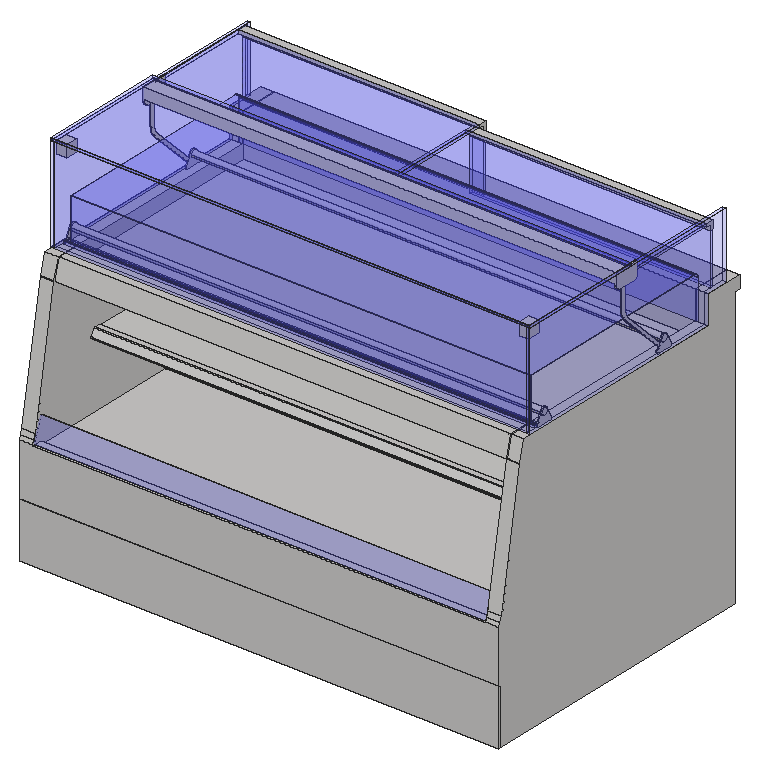
Revit family "Food-Service-Equipment_Oscartek_Gem_Combi-1500Rt_cat", category Specialty Equipment, Revit 2026 (continued)
Automatic sketch dimensions
  Split face 248 sketch curve to Split face 248 sketch curve = 0"
  Split face 248 sketch curve to Split face 248 sketch curve = 0.05555"
  Split face 248 sketch curve to Split face 248 sketch curve = 0.09841"  (x2)
  Split face 248 sketch curve to Split face 248 sketch curve = 0.06735"  (x2)
  Split face 248 sketch curve to Split face 248 sketch curve = 0.33675"  (x2)
  Split face 248 sketch curve to Split face 248 sketch curve = 0.01365"
  Split face 248 sketch curve to Extrusion 33 = 19.6095"
  Split face 248 sketch curve to Split face 248 sketch curve = 0.05071"
  Split face 248 sketch curve to Split face 248 sketch curve = 0.4014"
  Split face 248 sketch curve to Split face 248 sketch curve = 0.8706"
  Split face 248 sketch curve to Split face 248 sketch curve = 0.38203"
  Split face 248 sketch curve to Split face 248 sketch curve = 0.01937"
  Split face 249 sketch curve to Extrusion 33 = 0.4422"  (x2)
  Split face 249 sketch curve to Extrusion 33 = 0.49775"
  Split face 249 sketch curve to Split face 249 sketch curve = 0.09841"  (x2)
  Split face 249 sketch curve to Split face 249 sketch curve = 0.06735"  (x2)
  Split face 249 sketch curve to Split face 249 sketch curve = 0.33675"  (x2)
  Split face 249 sketch curve to Split face 249 sketch curve = 0.01365"
  Split face 249 sketch curve to Extrusion 33 = 19.6095"
  Split face 249 sketch curve to Split face 249 sketch curve = 0.05071"
  Split face 249 sketch curve to Split face 249 sketch curve = 0.4014"
  Split face 249 sketch curve to Split face 249 sketch curve = 0.8706"
  Split face 249 sketch curve to Split face 249 sketch curve = 0.38203"
  Split face 249 sketch curve to Split face 249 sketch curve = 0.01937"
  Split face 250 sketch curve to Extrusion 33 = 1.4422"
  Split face 250 sketch curve to Split face 250 sketch curve = 0"
  Split face 250 sketch curve to Split face 250 sketch curve = 0.05555"
  Split face 250 sketch curve to Split face 250 sketch curve = 0.09841"  (x2)
  Split face 250 sketch curve to Split face 250 sketch curve = 0.06735"  (x2)
  Split face 250 sketch curve to Split face 250 sketch curve = 0.33675"  (x2)
  Split face 250 sketch curve to Split face 250 sketch curve = 0.01365"
  Split face 250 sketch curve to Extrusion 33 = 17.3595"
  Split face 250 sketch curve to Split face 250 sketch curve = 0.05071"
  Split face 250 sketch curve to Split face 250 sketch curve = 0.4014"
  Split face 250 sketch curve to Split face 250 sketch curve = 0.8706"
  Split face 250 sketch curve to Split face 250 sketch curve = 0.38203"
  Split face 250 sketch curve to Split face 250 sketch curve = 0.01937"
  Split face 251 sketch curve to Extrusion 33 = 2.4422"
  Split face 251 sketch curve to Split face 251 sketch curve = 0"
  Split face 251 sketch curve to Split face 251 sketch curve = 0.05555"
  Split face 251 sketch curve to Split face 251 sketch curve = 0.09841"  (x2)
  Split face 251 sketch curve to Split face 251 sketch curve = 0.06735"  (x2)
  Split face 251 sketch curve to Split face 251 sketch curve = 0.33675"  (x2)
  Split face 251 sketch curve to Split face 251 sketch curve = 0.01365"
  Split face 251 sketch curve to Extrusion 33 = 17.3595"
  Split face 251 sketch curve to Split face 251 sketch curve = 0.05071"
  Split face 251 sketch curve to Split face 251 sketch curve = 0.4014"
  Split face 251 sketch curve to Split face 251 sketch curve = 0.8706"
  Split face 251 sketch curve to Split face 251 sketch curve = 0.38203"
  Split face 251 sketch curve to Split face 251 sketch curve = 0.01937"
  Split face 252 sketch curve to Extrusion 33 = 0.4422"  (x2)
  Split face 252 sketch curve to Extrusion 33 = 0.49775"
  Split face 252 sketch curve to Split face 252 sketch curve = 0.09841"  (x2)
  Split face 252 sketch curve to Split face 252 sketch curve = 0.06735"  (x2)
  Split face 252 sketch curve to Split face 252 sketch curve = 0.33675"  (x2)
  Split face 252 sketch curve to Split face 252 sketch curve = 0.01365"
  Split face 252 sketch curve to Extrusion 33 = 17.3595"
  Split face 252 sketch curve to Split face 252 sketch curve = 0.05071"
  Split face 252 sketch curve to Split face 252 sketch curve = 0.4014"
  Split face 252 sketch curve to Split face 252 sketch curve = 0.8706"
  Split face 252 sketch curve to Split face 252 sketch curve = 0.38203"
  Split face 252 sketch curve to Split face 252 sketch curve = 0.01937"
  Split face 253 sketch curve to Extrusion 33 = 1.4422"
  Split face 253 sketch curve to Split face 253 sketch curve = 0"
  Split face 253 sketch curve to Split face 253 sketch curve = 0.05555"
  Split face 253 sketch curve to Split face 253 sketch curve = 0.09841"  (x2)
  Split face 253 sketch curve to Split face 253 sketch curve = 0.06735"  (x2)
  Split face 253 sketch curve to Split face 253 sketch curve = 0.33675"  (x2)
  Split face 253 sketch curve to Split face 253 sketch curve = 0.01365"
  Split face 253 sketch curve to Extrusion 33 = 15.1095"
  Split face 253 sketch curve to Split face 253 sketch curve = 0.05071"
  Split face 253 sketch curve to Split face 253 sketch curve = 0.4014"
  Split face 253 sketch curve to Split face 253 sketch curve = 0.8706"
  Split face 253 sketch curve to Split face 253 sketch curve = 0.38203"
  Split face 253 sketch curve to Split face 253 sketch curve = 0.01937"
  Split face 254 sketch curve to Extrusion 33 = 2.4422"
  Split face 254 sketch curve to Split face 254 sketch curve = 0"
  Split face 254 sketch curve to Split face 254 sketch curve = 0.05555"
  Split face 254 sketch curve to Split face 254 sketch curve = 0.09841"  (x2)
  Split face 254 sketch curve to Split face 254 sketch curve = 0.06735"  (x2)
  Split face 254 sketch curve to Split face 254 sketch curve = 0.33675"  (x2)
  Split face 254 sketch curve to Split face 254 sketch curve = 0.01365"
  Split face 254 sketch curve to Extrusion 33 = 15.1095"
  Split face 254 sketch curve to Split face 254 sketch curve = 0.05071"
  Split face 254 sketch curve to Split face 254 sketch curve = 0.4014"
  Split face 254 sketch curve to Split face 254 sketch curve = 0.8706"
  Split face 254 sketch curve to Split face 254 sketch curve = 0.38203"
  Split face 254 sketch curve to Split face 254 sketch curve = 0.01937"
  Split face 255 sketch curve to Extrusion 33 = 0.4422"  (x2)
  Split face 255 sketch curve to Extrusion 33 = 0.49775"
  Split face 255 sketch curve to Split face 255 sketch curve = 0.09841"  (x2)
  Split face 255 sketch curve to Split face 255 sketch curve = 0.06735"  (x2)
  Split face 255 sketch curve to Split face 255 sketch curve = 0.33675"  (x2)
  Split face 255 sketch curve to Split face 255 sketch curve = 0.01365"
  Split face 255 sketch curve to Extrusion 33 = 15.1095"
  Split face 255 sketch curve to Split face 255 sketch curve = 0.05071"
  Split face 255 sketch curve to Split face 255 sketch curve = 0.4014"
  Split face 255 sketch curve to Split face 255 sketch curve = 0.8706"
  Split face 255 sketch curve to Split face 255 sketch curve = 0.38203"
  Split face 255 sketch curve to Split face 255 sketch curve = 0.01937"
  Split face 256 sketch curve to Extrusion 33 = 1.4422"
  Split face 256 sketch curve to Split face 256 sketch curve = 0"
  Split face 256 sketch curve to Split face 256 sketch curve = 0.05555"
  Split face 256 sketch curve to Split face 256 sketch curve = 0.09841"  (x2)
  Split face 256 sketch curve to Split face 256 sketch curve = 0.06735"  (x2)
  Split face 256 sketch curve to Split face 256 sketch curve = 0.33675"  (x2)
  Split face 256 sketch curve to Split face 256 sketch curve = 0.01365"
  Split face 256 sketch curve to Extrusion 33 = 12.8595"
  Split face 256 sketch curve to Split face 256 sketch curve = 0.05071"
  Split face 256 sketch curve to Split face 256 sketch curve = 0.4014"
  Split face 256 sketch curve to Split face 256 sketch curve = 0.8706"
  Split face 256 sketch curve to Split face 256 sketch curve = 0.38203"
  Split face 256 sketch curve to Split face 256 sketch curve = 0.01937"
  Split face 257 sketch curve to Extrusion 33 = 2.4422"
  Split face 257 sketch curve to Split face 257 sketch curve = 0"
  Split face 257 sketch curve to Split face 257 sketch curve = 0.05555"
  Split face 257 sketch curve to Split face 257 sketch curve = 0.09841"  (x2)
  Split face 257 sketch curve to Split face 257 sketch curve = 0.06735"  (x2)
  Split face 257 sketch curve to Split face 257 sketch curve = 0.33675"  (x2)
  Split face 257 sketch curve to Split face 257 sketch curve = 0.01365"
  Split face 257 sketch curve to Extrusion 33 = 12.8595"
  Split face 257 sketch curve to Split face 257 sketch curve = 0.05071"
  Split face 257 sketch curve to Split face 257 sketch curve = 0.4014"
  Split face 257 sketch curve to Split face 257 sketch curve = 0.8706"
  Split face 257 sketch curve to Split face 257 sketch curve = 0.38203"
  Split face 257 sketch curve to Split face 257 sketch curve = 0.01937"
  Split face 258 sketch curve to Extrusion 33 = 0.4422"  (x2)
  Split face 258 sketch curve to Extrusion 33 = 0.49775"
  Split face 258 sketch curve to Split face 258 sketch curve = 0.09841"  (x2)
  Split face 258 sketch curve to Split face 258 sketch curve = 0.06735"  (x2)
  Split face 258 sketch curve to Split face 258 sketch curve = 0.33675"  (x2)
  Split face 258 sketch curve to Split face 258 sketch curve = 0.01365"
  Split face 258 sketch curve to Extrusion 33 = 12.8595"
  Split face 258 sketch curve to Split face 258 sketch curve = 0.05071"
  Split face 258 sketch curve to Split face 258 sketch curve = 0.4014"
  Split face 258 sketch curve to Split face 258 sketch curve = 0.8706"
  Split face 258 sketch curve to Split face 258 sketch curve = 0.38203"
  Split face 258 sketch curve to Split face 258 sketch curve = 0.01937"
  Split face 259 sketch curve to Extrusion 33 = 1.4422"
  Split face 259 sketch curve to Split face 259 sketch curve = 0"
  Split face 259 sketch curve to Split face 259 sketch curve = 0.05555"
  Split face 259 sketch curve to Split face 259 sketch curve = 0.09841"  (x2)
  Split face 259 sketch curve to Split face 259 sketch curve = 0.06735"  (x2)
  Split face 259 sketch curve to Split face 259 sketch curve = 0.33675"  (x2)
  Split face 259 sketch curve to Split face 259 sketch curve = 0.01365"
  Split face 259 sketch curve to Extrusion 33 = 10.6095"
  Split face 259 sketch curve to Split face 259 sketch curve = 0.05071"
  Split face 259 sketch curve to Split face 259 sketch curve = 0.4014"
  Split face 259 sketch curve to Split face 259 sketch curve = 0.8706"
  Split face 259 sketch curve to Split face 259 sketch curve = 0.38203"
  Split face 259 sketch curve to Split face 259 sketch curve = 0.01937"
  Split face 260 sketch curve to Extrusion 33 = 2.4422"
  Split face 260 sketch curve to Split face 260 sketch curve = 0"
  Split face 260 sketch curve to Split face 260 sketch curve = 0.05555"
  Split face 260 sketch curve to Split face 260 sketch curve = 0.09841"  (x2)
  Split face 260 sketch curve to Split face 260 sketch curve = 0.06735"  (x2)
  Split face 260 sketch curve to Split face 260 sketch curve = 0.33675"  (x2)
  Split face 260 sketch curve to Split face 260 sketch curve = 0.01365"
  Split face 260 sketch curve to Extrusion 33 = 10.6095"
  Split face 260 sketch curve to Split face 260 sketch curve = 0.05071"
  Split face 260 sketch curve to Split face 260 sketch curve = 0.4014"
  Split face 260 sketch curve to Split face 260 sketch curve = 0.8706"
  Split face 260 sketch curve to Split face 260 sketch curve = 0.38203"
  Split face 260 sketch curve to Split face 260 sketch curve = 0.01937"
  Split face 261 sketch curve to Extrusion 33 = 0.4422"  (x2)
  Split face 261 sketch curve to Extrusion 33 = 0.49775"
  Split face 261 sketch curve to Split face 261 sketch curve = 0.09841"  (x2)
  Split face 261 sketch curve to Split face 261 sketch curve = 0.06735"  (x2)
  Split face 261 sketch curve to Split face 261 sketch curve = 0.33675"  (x2)
  Split face 261 sketch curve to Split face 261 sketch curve = 0.01365"
  Split face 261 sketch curve to Extrusion 33 = 10.6095"
  Split face 261 sketch curve to Split face 261 sketch curve = 0.05071"
  Split face 261 sketch curve to Split face 261 sketch curve = 0.4014"
  Split face 261 sketch curve to Split face 261 sketch curve = 0.8706"
  Split face 261 sketch curve to Split face 261 sketch curve = 0.38203"
  Split face 261 sketch curve to Split face 261 sketch curve = 0.01937"
  Split face 262 sketch curve to Extrusion 33 = 1.4422"
  Split face 262 sketch curve to Split face 262 sketch curve = 0"
  Split face 262 sketch curve to Split face 262 sketch curve = 0.05555"
  Split face 262 sketch curve to Split face 262 sketch curve = 0.09841"  (x2)
  Split face 262 sketch curve to Split face 262 sketch curve = 0.06735"  (x2)
  Split face 262 sketch curve to Split face 262 sketch curve = 0.33675"  (x2)
  Split face 262 sketch curve to Split face 262 sketch curve = 0.01365"
  Split face 262 sketch curve to Extrusion 33 = 8.3595"
  Split face 262 sketch curve to Split face 262 sketch curve = 0.05071"
  Split face 262 sketch curve to Split face 262 sketch curve = 0.4014"
  Split face 262 sketch curve to Split face 262 sketch curve = 0.8706"
  Split face 262 sketch curve to Split face 262 sketch curve = 0.38203"
  Split face 262 sketch curve to Split face 262 sketch curve = 0.01937"
  Split face 263 sketch curve to Extrusion 33 = 2.4422"
  Split face 263 sketch curve to Split face 263 sketch curve = 0"
  Split face 263 sketch curve to Split face 263 sketch curve = 0.05555"
  Split face 263 sketch curve to Split face 263 sketch curve = 0.09841"  (x2)
  Split face 263 sketch curve to Split face 263 sketch curve = 0.06735"  (x2)
  Split face 263 sketch curve to Split face 263 sketch curve = 0.33675"  (x2)
  Split face 263 sketch curve to Split face 263 sketch curve = 0.01365"
  Split face 263 sketch curve to Extrusion 33 = 8.3595"
  Split face 263 sketch curve to Split face 263 sketch curve = 0.05071"
  Split face 263 sketch curve to Split face 263 sketch curve = 0.4014"
  Split face 263 sketch curve to Split face 263 sketch curve = 0.8706"
  Split face 263 sketch curve to Split face 263 sketch curve = 0.38203"
  Split face 263 sketch curve to Split face 263 sketch curve = 0.01937"
  Split face 264 sketch curve to Extrusion 33 = 0.4422"  (x2)
  Split face 264 sketch curve to Extrusion 33 = 0.49775"
  Split face 264 sketch curve to Split face 264 sketch curve = 0.09841"  (x2)
  Split face 264 sketch curve to Split face 264 sketch curve = 0.06735"  (x2)
  Split face 264 sketch curve to Split face 264 sketch curve = 0.33675"  (x2)
  Split face 264 sketch curve to Split face 264 sketch curve = 0.01365"
  Split face 264 sketch curve to Extrusion 33 = 8.3595"
  Split face 264 sketch curve to Split face 264 sketch curve = 0.05071"
  Split face 264 sketch curve to Split face 264 sketch curve = 0.4014"
  Split face 264 sketch curve to Split face 264 sketch curve = 0.8706"
  Split face 264 sketch curve to Split face 264 sketch curve = 0.38203"
  Split face 264 sketch curve to Split face 264 sketch curve = 0.01937"
  Split face 265 sketch curve to Extrusion 33 = 1.4422"
  Split face 265 sketch curve to Split face 265 sketch curve = 0"
  Split face 265 sketch curve to Split face 265 sketch curve = 0.05555"
  Split face 265 sketch curve to Split face 265 sketch curve = 0.09841"  (x2)
  Split face 265 sketch curve to Split face 265 sketch curve = 0.06735"  (x2)
  Split face 265 sketch curve to Split face 265 sketch curve = 0.33675"  (x2)
  Split face 265 sketch curve to Split face 265 sketch curve = 0.01365"
  Split face 265 sketch curve to Extrusion 33 = 6.1095"
  Split face 265 sketch curve to Split face 265 sketch curve = 0.05071"
  Split face 265 sketch curve to Split face 265 sketch curve = 0.4014"
  Split face 265 sketch curve to Split face 265 sketch curve = 0.8706"
  Split face 265 sketch curve to Split face 265 sketch curve = 0.38203"
  Split face 265 sketch curve to Split face 265 sketch curve = 0.01937"
  Split face 266 sketch curve to Extrusion 33 = 2.4422"
  Split face 266 sketch curve to Split face 266 sketch curve = 0"
  Split face 266 sketch curve to Split face 266 sketch curve = 0.05555"
  Split face 266 sketch curve to Split face 266 sketch curve = 0.09841"  (x2)
  Split face 266 sketch curve to Split face 266 sketch curve = 0.06735"  (x2)
  Split face 266 sketch curve to Split face 266 sketch curve = 0.33675"  (x2)
  Split face 266 sketch curve to Split face 266 sketch curve = 0.01365"
  Split face 266 sketch curve to Extrusion 33 = 6.1095"
  Split face 266 sketch curve to Split face 266 sketch curve = 0.05071"
  Split face 266 sketch curve to Split face 266 sketch curve = 0.4014"
  Split face 266 sketch curve to Split face 266 sketch curve = 0.8706"
  Split face 266 sketch curve to Split face 266 sketch curve = 0.38203"
  Split face 266 sketch curve to Split face 266 sketch curve = 0.01937"
  Split face 267 sketch curve to Extrusion 33 = 0.4422"  (x2)
  Split face 267 sketch curve to Extrusion 33 = 0.49775"
  Split face 267 sketch curve to Split face 267 sketch curve = 0.09841"  (x2)
  Split face 267 sketch curve to Split face 267 sketch curve = 0.06735"  (x2)
  Split face 267 sketch curve to Split face 267 sketch curve = 0.33675"  (x2)
  Split face 267 sketch curve to Split face 267 sketch curve = 0.01365"
  Split face 267 sketch curve to Extrusion 33 = 6.1095"
  Split face 267 sketch curve to Split face 267 sketch curve = 0.05071"
  Split face 267 sketch curve to Split face 267 sketch curve = 0.4014"
  Split face 267 sketch curve to Split face 267 sketch curve = 0.8706"
  Split face 267 sketch curve to Split face 267 sketch curve = 0.38203"
  Split face 267 sketch curve to Split face 267 sketch curve = 0.01937"
  Split face 268 sketch curve to Extrusion 33 = 1.4422"
  Split face 268 sketch curve to Split face 268 sketch curve = 0"
  Split face 268 sketch curve to Split face 268 sketch curve = 0.05555"
  Split face 268 sketch curve to Split face 268 sketch curve = 0.09841"  (x2)
  Split face 268 sketch curve to Split face 268 sketch curve = 0.06735"  (x2)
  Split face 268 sketch curve to Split face 268 sketch curve = 0.33675"  (x2)
  Split face 268 sketch curve to Split face 268 sketch curve = 0.01365"
  Split face 268 sketch curve to Extrusion 33 = 3.8595"
  Split face 268 sketch curve to Split face 268 sketch curve = 0.05071"
  Split face 268 sketch curve to Split face 268 sketch curve = 0.4014"
  Split face 268 sketch curve to Split face 268 sketch curve = 0.8706"
  Split face 268 sketch curve to Split face 268 sketch curve = 0.38203"
  Split face 268 sketch curve to Split face 268 sketch curve = 0.01937"
  Split face 269 sketch curve to Extrusion 33 = 2.4422"
  Split face 269 sketch curve to Split face 269 sketch curve = 0"
  Split face 269 sketch curve to Split face 269 sketch curve = 0.05555"
  Split face 269 sketch curve to Split face 269 sketch curve = 0.09841"  (x2)
  Split face 269 sketch curve to Split face 269 sketch curve = 0.06735"  (x2)
  Split face 269 sketch curve to Split face 269 sketch curve = 0.33675"  (x2)
  Split face 269 sketch curve to Split face 269 sketch curve = 0.01365"
  Split face 269 sketch curve to Extrusion 33 = 3.8595"
  Split face 269 sketch curve to Split face 269 sketch curve = 0.05071"
  Split face 269 sketch curve to Split face 269 sketch curve = 0.4014"
  Split face 269 sketch curve to Split face 269 sketch curve = 0.8706"
  Split face 269 sketch curve to Split face 269 sketch curve = 0.38203"
  Split face 269 sketch curve to Split face 269 sketch curve = 0.01937"
  Split face 270 sketch curve to Extrusion 33 = 0.4422"  (x2)
  Split face 270 sketch curve to Extrusion 33 = 0.49775"
  Split face 270 sketch curve to Split face 270 sketch curve = 0.09841"  (x2)
  Split face 270 sketch curve to Split face 270 sketch curve = 0.06735"  (x2)
  Split face 270 sketch curve to Split face 270 sketch curve = 0.33675"  (x2)
  Split face 270 sketch curve to Split face 270 sketch curve = 0.01365"
  Split face 270 sketch curve to Extrusion 33 = 3.8595"
  Split face 270 sketch curve to Split face 270 sketch curve = 0.05071"
  Split face 270 sketch curve to Split face 270 sketch curve = 0.4014"
  Split face 270 sketch curve to Split face 270 sketch curve = 0.8706"
  Split face 270 sketch curve to Split face 270 sketch curve = 0.38203"
  Split face 270 sketch curve to Split face 270 sketch curve = 0.01937"
  radius of Extrusion 10 sketch curve = 0.3937"  (x2)
  radius of Extrusion 11 sketch curve = 0.3937"  (x2)
  radius of Extrusion 12 sketch curve = 0.3937"
  radius of Extrusion 13 sketch curve = 0.3937"
Connectors (in)
  electrical at (27.30613, -0.7874, 17.77576), driven by "Volts", driven by "Watts"
    settings: on Extrusion 23, index 1, voltage 230 V, apparent load 2990 VA, apparent load phase1 0 VA, apparent load phase2 0 VA, apparent load phase3 0 VA, power factor 1, load classification "Other", number of poles 1, system type 30, power factor state 1, is connector primary yes, connector utility no, sub classification motor no, connector description "ELECTRICAL CONNECTION"
